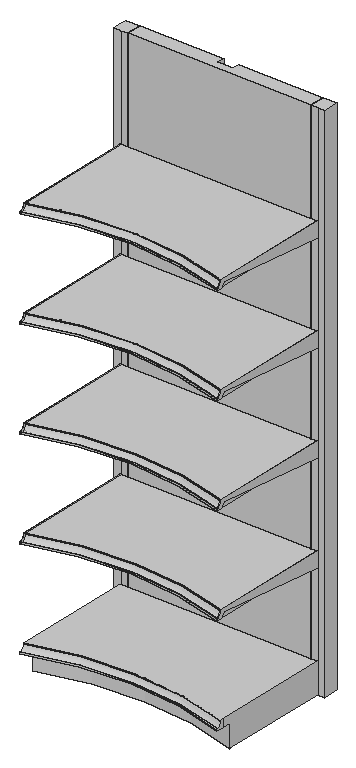
Revit family "ML10", category Specialty Equipment, Revit 2012
Parameters (values of type "Maxi Line Concave End (Default)")
  Width = 3' - 0"
  URL = "http://www.madixinc.com/display/maxiline/radius/index.html"
  Model = "Maxi Line"
  Manufacturer = "© 2012 Madix, Inc. All rights reserved."
  "Front" Base Shelf [instance] = yes
  "Front" Shelf 2' [instance] = yes
  "Front" Shelf 3' - 6" [instance] = yes
  "Front" Shelf 5' [instance] = yes
  "Front" Shelf 6' - 6" [instance] = yes
  "Front" Shelf Depth = 1' - 10"
  Upright Height = 8' - 0"
Reference planes (in)
  plane 1 "Center (Front/Back)": y = 0
  plane 2: z = 0
  plane 3 "Center (Left/Right)": x = 0
  plane 4: y = 1.375
  plane 5: y = -1.375
  plane 6: z = 96
  plane 7: z = 0
  plane 8 "1st shelf": z = 23.5
  plane 9 "2nd shelf": z = 41.5
  plane 10 "3rd shelf": z = 59.5
  plane 11 "4th shelf": z = 77.5
  plane 12: x = -18
  plane 13: x = 18
  plane 14: x = -17.875
  plane 15: x = 17.875
  plane 16: z = 41.5
  plane 17: z = 5.5
  plane 18: z = 4.125
  plane 19: z = 23.5
  plane 20: y = -23.375
  plane 21: z = 4.125
Forms (in)
  Extrusion 1, solid, material "Metal - Steel", visible <- ""Front" Base Shelf"
    sketch origin (-24, 1.39583, 4.375) x (1, 0, 0) y (0, 1, 0)
      loop
        line (6, -2.77083) -> (6, -24.35026) -> (6, -25.69542)
        arc (6, -25.69542) -> (24, -22.69473) -> (42, -25.69542) r 55.48794
        line (42, -25.69542) -> (42, -24.35026) -> (42, -2.77083) -> (6, -2.77083)
    from -0.25 to 1.125
  Extrusion 2, solid, material "Metal - Steel", visible <- ""Front" Base Shelf"
    sketch origin (-24, 1.35728, 4.375) x (1, 0, 0) y (0, 1, 0)
      loop
        line (42, -2.73228) -> (6, -2.73228) -> (6, -22.73228)
        arc (6, -22.73228) -> (24, -19.73228) -> (42, -22.73228) r 55.5
        line (42, -22.73228) -> (42, -2.73228)
    from -4.375 to -0.25
  Sweep 3, void
    path in 3D
      loop
        arc (18, -24.29959, 5.5) -> (0, -21.2989, 5.5) -> (-18, -24.29959, 5.5) r 55.48794
    profile origin (0, -21.2989, 5.5) x (0, -1, 0) y (0, 0, 1)
      loop
        line (0, -1.125) -> (0.5, -1.125) -> (0.5, 0) -> (0, 0) -> (-0.75, 0) -> (-0.75, -0.125) -> (-0.875, -0.125)
        arc (-0.875, -0.125) -> (-0.61304, -0.76286) -> (-0.125, -1.25) r 1.75
        line (-0.125, -1.25) -> (-0.125, -1.125) -> (0, -1.125)
  Extrusion 4, solid, material "Metal - Steel", visible <- ""Front" Shelf 2'"
    sketch origin (-24, 1.39583, 22.375) x (1, 0, 0) y (0, 1, 0)
      loop
        line (6.125, -2.77083) -> (6.125, -25.63844)
        arc (6.125, -25.63844) -> (24, -22.68121) -> (41.875, -25.63844) r 55.50145
        line (41.875, -25.63844) -> (41.875, -2.77083) -> (6.125, -2.77083)
    from -0.25 to 1.125
  Sweep 5, void
    path in 3D
      loop
        arc (17.875, -24.24261, 23.5) -> (0, -21.28538, 23.5) -> (-17.875, -24.24261, 23.5) r 55.50145
    profile origin (0, -21.28538, 23.5) x (0, -1, 0) y (0, 0, 1)
      loop
        line (-0.79226, 0) -> (-0.79226, -0.125) -> (-0.9246, -0.125)
        arc (-0.9246, -0.125) -> (-0.64351, -0.76861) -> (-0.13213, -1.25) r 1.75105
        line (-0.13213, -1.25) -> (-0.13213, -1.125) -> (0, -1.125) -> (0.5, -1.125) -> (0.5, 0) -> (-0.79226, 0)
  Extrusion 6, solid, material "Metal - Steel", visible <- ""Front" Shelf 2'"
    sketch origin (0, 0, 0) x (0, 1, 0) y (0, 0, 1)
      loop
        line (-1.375, 23.5) -> (-23.37362, 23.5)
        arc (-23.37362, 23.5) -> (-23.68874, 22.84529) -> (-24.24261, 22.375) r 1.75
        line (-24.24261, 22.375) -> (-24.24261, 22.125) -> (-23.24261, 22.125) -> (-23.24261, 22.375) -> (-22.49261, 23) -> (-22.24261, 23) -> (-22.24261, 22.875) -> (-1.375, 20.75) -> (-1.375, 23.5)
      loop
        circle (-20.24261, 23) r 0.125
      loop
        circle (-2.5, 23) r 0.125
    from -18 to -17.875
  Extrusion 7, solid, material "Metal - Steel", visible <- ""Front" Shelf 2'"
    sketch origin (0, 0, 0) x (0, 1, 0) y (0, 0, -1)
      loop
        line (-1.375, -23.5) -> (-1.375, -20.75) -> (-22.24261, -22.875) -> (-22.24261, -23) -> (-22.49261, -23) -> (-23.24261, -22.375) -> (-23.24261, -22.125) -> (-24.24261, -22.125) -> (-24.24261, -22.375)
        arc (-24.24261, -22.375) -> (-23.68874, -22.84529) -> (-23.37362, -23.5) r 1.75
        line (-23.37362, -23.5) -> (-1.375, -23.5)
      loop
        circle (-20.24261, -23) r 0.125
      loop
        circle (-2.5, -23) r 0.125
    from -18 to -17.875
  Extrusion 8, solid, material "Metal - Steel", visible <- ""Front" Shelf 3' - 6""
    sketch origin (-24, 1.39583, 40.375) x (1, 0, 0) y (0, 1, 0)
      loop
        line (6.125, -2.77083) -> (6.125, -25.63844)
        arc (6.125, -25.63844) -> (24, -22.68121) -> (41.875, -25.63844) r 55.50145
        line (41.875, -25.63844) -> (41.875, -2.77083) -> (6.125, -2.77083)
    from -0.25 to 1.125
  Sweep 9, void
    path in 3D
      loop
        arc (17.875, -24.24261, 41.5) -> (0, -21.28538, 41.5) -> (-17.875, -24.24261, 41.5) r 55.50145
    profile origin (0, -21.28538, 41.5) x (0, -1, 0) y (0, 0, 1)
      loop
        line (-0.79226, 0) -> (-0.79226, -0.125) -> (-0.9246, -0.125)
        arc (-0.9246, -0.125) -> (-0.64351, -0.76861) -> (-0.13213, -1.25) r 1.75105
        line (-0.13213, -1.25) -> (-0.13213, -1.125) -> (0, -1.125) -> (0.5, -1.125) -> (0.5, 0) -> (-0.79226, 0)
  Extrusion 10, solid, material "Metal - Steel", visible <- ""Front" Shelf 3' - 6""
    sketch origin (0, 0, 18) x (0, 1, 0) y (0, 0, 1)
      loop
        line (-1.375, 23.5) -> (-23.37362, 23.5)
        arc (-23.37362, 23.5) -> (-23.68874, 22.84529) -> (-24.24261, 22.375) r 1.75
        line (-24.24261, 22.375) -> (-24.24261, 22.125) -> (-23.24261, 22.125) -> (-23.24261, 22.375) -> (-22.49261, 23) -> (-22.24261, 23) -> (-22.24261, 22.875) -> (-1.375, 20.75) -> (-1.375, 23.5)
      loop
        circle (-20.24261, 23) r 0.125
      loop
        circle (-2.5, 23) r 0.125
    from -18 to -17.875
  Extrusion 11, solid, material "Metal - Steel", visible <- ""Front" Shelf 3' - 6""
    sketch origin (0, 0, 18) x (0, 1, 0) y (0, 0, -1)
      loop
        line (-1.375, -23.5) -> (-1.375, -20.75) -> (-22.24261, -22.875) -> (-22.24261, -23) -> (-22.49261, -23) -> (-23.24261, -22.375) -> (-23.24261, -22.125) -> (-24.24261, -22.125) -> (-24.24261, -22.375)
        arc (-24.24261, -22.375) -> (-23.68874, -22.84529) -> (-23.37362, -23.5) r 1.75
        line (-23.37362, -23.5) -> (-1.375, -23.5)
      loop
        circle (-20.24261, -23) r 0.125
      loop
        circle (-2.5, -23) r 0.125
    from -18 to -17.875
  Extrusion 12, solid, material "Metal - Steel", visible <- ""Front" Shelf 5'"
    sketch origin (-24, 1.39583, 58.375) x (1, 0, 0) y (0, 1, 0)
      loop
        line (6.125, -2.77083) -> (6.125, -25.63844)
        arc (6.125, -25.63844) -> (24, -22.68121) -> (41.875, -25.63844) r 55.50145
        line (41.875, -25.63844) -> (41.875, -2.77083) -> (6.125, -2.77083)
    from -0.25 to 1.125
  Sweep 13, void
    path in 3D
      loop
        arc (17.875, -24.24261, 59.5) -> (0, -21.28538, 59.5) -> (-17.875, -24.24261, 59.5) r 55.50145
    profile origin (0, -21.28538, 59.5) x (0, -1, 0) y (0, 0, 1)
      loop
        line (-0.79226, 0) -> (-0.79226, -0.125) -> (-0.9246, -0.125)
        arc (-0.9246, -0.125) -> (-0.64351, -0.76861) -> (-0.13213, -1.25) r 1.75105
        line (-0.13213, -1.25) -> (-0.13213, -1.125) -> (0, -1.125) -> (0.5, -1.125) -> (0.5, 0) -> (-0.79226, 0)
  Extrusion 14, solid, material "Metal - Steel", visible <- ""Front" Shelf 5'"
    sketch origin (0, 0, 36) x (0, 1, 0) y (0, 0, 1)
      loop
        line (-1.375, 23.5) -> (-23.37362, 23.5)
        arc (-23.37362, 23.5) -> (-23.68874, 22.84529) -> (-24.24261, 22.375) r 1.75
        line (-24.24261, 22.375) -> (-24.24261, 22.125) -> (-23.24261, 22.125) -> (-23.24261, 22.375) -> (-22.49261, 23) -> (-22.24261, 23) -> (-22.24261, 22.875) -> (-1.375, 20.75) -> (-1.375, 23.5)
      loop
        circle (-20.24261, 23) r 0.125
      loop
        circle (-2.5, 23) r 0.125
    from -18 to -17.875
  Extrusion 15, solid, material "Metal - Steel", visible <- ""Front" Shelf 5'"
    sketch origin (0, 0, 36) x (0, 1, 0) y (0, 0, -1)
      loop
        line (-1.375, -23.5) -> (-1.375, -20.75) -> (-22.24261, -22.875) -> (-22.24261, -23) -> (-22.49261, -23) -> (-23.24261, -22.375) -> (-23.24261, -22.125) -> (-24.24261, -22.125) -> (-24.24261, -22.375)
        arc (-24.24261, -22.375) -> (-23.68874, -22.84529) -> (-23.37362, -23.5) r 1.75
        line (-23.37362, -23.5) -> (-1.375, -23.5)
      loop
        circle (-20.24261, -23) r 0.125
      loop
        circle (-2.5, -23) r 0.125
    from -18 to -17.875
  Extrusion 16, solid, material "Metal - Steel", visible <- ""Front" Shelf 6' - 6""
    sketch origin (-24, 1.39583, 76.375) x (1, 0, 0) y (0, 1, 0)
      loop
        line (6.125, -2.77083) -> (6.125, -25.63844)
        arc (6.125, -25.63844) -> (24, -22.68121) -> (41.875, -25.63844) r 55.50145
        line (41.875, -25.63844) -> (41.875, -2.77083) -> (6.125, -2.77083)
    from -0.25 to 1.125
  Sweep 17, void
    path in 3D
      loop
        arc (17.875, -24.24261, 77.5) -> (0, -21.28538, 77.5) -> (-17.875, -24.24261, 77.5) r 55.50145
    profile origin (0, -21.28538, 77.5) x (0, -1, 0) y (0, 0, 1)
      loop
        line (-0.79226, 0) -> (-0.79226, -0.125) -> (-0.9246, -0.125)
        arc (-0.9246, -0.125) -> (-0.64351, -0.76861) -> (-0.13213, -1.25) r 1.75105
        line (-0.13213, -1.25) -> (-0.13213, -1.125) -> (0, -1.125) -> (0.5, -1.125) -> (0.5, 0) -> (-0.79226, 0)
  Extrusion 18, solid, material "Metal - Steel", visible <- ""Front" Shelf 6' - 6""
    sketch origin (0, 0, 54) x (0, 1, 0) y (0, 0, 1)
      loop
        line (-1.375, 23.5) -> (-23.37362, 23.5)
        arc (-23.37362, 23.5) -> (-23.68874, 22.84529) -> (-24.24261, 22.375) r 1.75
        line (-24.24261, 22.375) -> (-24.24261, 22.125) -> (-23.24261, 22.125) -> (-23.24261, 22.375) -> (-22.49261, 23) -> (-22.24261, 23) -> (-22.24261, 22.875) -> (-1.375, 20.75) -> (-1.375, 23.5)
      loop
        circle (-20.24261, 23) r 0.125
      loop
        circle (-2.5, 23) r 0.125
    from -18 to -17.875
  Extrusion 19, solid, material "Metal - Steel", visible <- ""Front" Shelf 6' - 6""
    sketch origin (0, 0, 54) x (0, 1, 0) y (0, 0, -1)
      loop
        line (-1.375, -23.5) -> (-1.375, -20.75) -> (-22.24261, -22.875) -> (-22.24261, -23) -> (-22.49261, -23) -> (-23.24261, -22.375) -> (-23.24261, -22.125) -> (-24.24261, -22.125) -> (-24.24261, -22.375)
        arc (-24.24261, -22.375) -> (-23.68874, -22.84529) -> (-23.37362, -23.5) r 1.75
        line (-23.37362, -23.5) -> (-1.375, -23.5)
      loop
        circle (-20.24261, -23) r 0.125
      loop
        circle (-2.5, -23) r 0.125
    from -18 to -17.875
  Extrusion 20, solid, material "Metal - Steel"
    sketch origin (-24, 1.375, 4.375) x (1, 0, 0) y (0, 1, 0)
      loop
        line (6, -2.75) -> (7.25, -2.75) -> (7.25, 0) -> (4.75, 0) -> (4.75, -1.375) -> (4.75, -2.75) -> (6, -2.75)
      loop
        line (7.28125, 0) -> (7.28125, -2.75) -> (40.71875, -2.75) -> (40.71875, 0) -> (25.375, 0) -> (25.375, -1.25) -> (22.625, -1.25) -> (22.625, 0) -> (7.28125, 0)
      loop
        line (42, -2.75) -> (43.25, -2.75) -> (43.25, 0) -> (40.75, 0) -> (40.75, -2.75) -> (42, -2.75)
    from -4.375 to 91.625
Cuts and joins
  Sweep 3 cuts Extrusion 1
  Sweep 3 cuts Extrusion 2
  joined: Extrusion 1, Extrusion 2
  Sweep 5, Sweep 9 cuts Extrusion 4
  Sweep 9 cuts Extrusion 6
  Sweep 9 cuts Extrusion 7
  Sweep 9, Sweep 13 cuts Extrusion 8
  Sweep 13 cuts Extrusion 10
  Sweep 13 cuts Extrusion 11
  Sweep 13, Sweep 17 cuts Extrusion 12
  Sweep 17 cuts Extrusion 14
  Sweep 17 cuts Extrusion 15
  Sweep 17 cuts Extrusion 16
Lines and regions (in)
  reference lines
    curve 1: line (-18, -18.77594, 77.5) -> (-17.96875, -18.77594, 77.5)
  sketch lines
    curve 2: arc (18, -24.29959, 5.5) -> (0, -21.2989, 5.5) -> (-18, -24.29959, 5.5) r 55.48794
    curve 3: arc (17.875, -24.24261, 23.5) -> (0, -21.28538, 23.5) -> (-17.875, -24.24261, 23.5) r 55.50145
    curve 4: arc (17.875, -24.24261, 41.5) -> (0, -21.28538, 41.5) -> (-17.875, -24.24261, 41.5) r 55.50145
    curve 5: arc (17.875, -24.24261, 59.5) -> (0, -21.28538, 59.5) -> (-17.875, -24.24261, 59.5) r 55.50145
    curve 6: arc (17.875, -24.24261, 77.5) -> (0, -21.28538, 77.5) -> (-17.875, -24.24261, 77.5) r 55.50145
Dimensions and locks (in)
  "Upright Height": plane 6 to level
  equal spacing: plane 12, plane 3 "Center (Left/Right)", plane 13
  "Width": plane 12 to plane 13
  locked: plane 12 to plane 14 at 0.125
  locked: plane 15 to plane 13 at 0.125
  ""Front" Shelf Depth": plane 5 to plane 20
  aligned and locked: level to plane 2
  aligned and locked: Extrusion 2 to Extrusion 1
  aligned and locked: Extrusion 1 to plane 5
  aligned and locked: Extrusion 2 to plane 5
  aligned and locked: Extrusion 1 to plane 18
  aligned and locked: plane 18 to Extrusion 2
  aligned and locked: Extrusion 4 to plane 5
  aligned and locked: plane 8 "1st shelf" to Extrusion 4
  aligned and locked: Extrusion 6 to plane 14
  aligned and locked: plane 12 to Extrusion 6
  aligned and locked: Extrusion 18 to plane 14
  aligned and locked: plane 12 to Extrusion 18
  aligned and locked: Extrusion 14 to plane 14
  aligned and locked: plane 12 to Extrusion 14
  aligned and locked: Extrusion 10 to plane 14
  aligned and locked: plane 12 to Extrusion 10
  aligned and locked: plane 15 to Extrusion 19
  aligned and locked: Extrusion 19 to plane 13
  aligned and locked: plane 15 to Extrusion 15
  aligned and locked: Extrusion 15 to plane 13
  aligned and locked: plane 15 to Extrusion 11
  aligned and locked: Extrusion 11 to plane 13
  aligned and locked: plane 15 to Extrusion 7
  aligned and locked: Extrusion 7 to plane 13
Automatic sketch dimensions
  curve 1 to plane 12 = 0' - 0"
  curve 1 to curve 1 = 0' - 0 1/32"
  curve 1 to plane 20 = 0' - 4.59906"
  plane 5 to Extrusion 1 sketch curve = 0' - 0"
  Extrusion 1 sketch curve to plane 12 = 0' - 0"
  Extrusion 1 sketch curve to plane 3 "Center (Left/Right)" = 0' - 0"
  Extrusion 1 sketch curve to plane 13 = 0' - 0"
  Extrusion 1 sketch curve to plane 20 = 0' - 0.42058"  (x2)
  plane 20 to Extrusion 1 sketch curve = 0' - 0.92459"
  plane 20 to Extrusion 1 sketch curve = 4' - 5.41184"
  plane 5 to Extrusion 2 sketch curve = 0' - 0"
  Extrusion 2 sketch curve to plane 12 = 0' - 0"
  Extrusion 2 sketch curve to plane 3 "Center (Left/Right)" = 0' - 0"
  Extrusion 2 sketch curve to plane 13 = 0' - 0"
  Extrusion 2 sketch curve to plane 20 = 0' - 2"
  plane 20 to Extrusion 2 sketch curve = 4' - 2 1/2"
  Sweep 3 sketch curve to profile plane = 0' - 0"  (x3)
  profile plane to Sweep 3 sketch curve = 0' - 0 1/8"
  profile plane to Sweep 3 sketch curve = 0' - 0 3/4"
  Sweep 3 sketch curve to Sweep 3 sketch curve = 0' - 0 1/8"  (x3)
  Sweep 3 sketch curve to Sweep 3 sketch curve = 0' - 0 1/2"
  Sweep 3 sketch curve to Sweep 3 sketch curve = 0' - 0.34305"
  Sweep 3 sketch curve to Sweep 3 sketch curve = 0' - 1 1/8"
  Extrusion 4 sketch curve to plane 14 = 0' - 0"
  Extrusion 4 sketch curve to plane 3 "Center (Left/Right)" = 0' - 0"
  Extrusion 4 sketch curve to plane 15 = 0' - 0"
  plane 5 to Extrusion 4 sketch curve = 0' - 0"
  plane 20 to Extrusion 4 sketch curve = 0' - 0.86761"
  plane 20 to Extrusion 4 sketch curve = 4' - 5.41184"
  Sweep 5 sketch curve to profile plane = 0' - 0"  (x2)
  Sweep 5 sketch curve to Sweep 5 sketch curve = 0' - 0.13213"
  profile plane to Sweep 5 sketch curve = 0' - 0.79226"
  Sweep 5 sketch curve to Sweep 5 sketch curve = 0' - 0.13235"
  Sweep 5 sketch curve to profile plane = 0' - 0 1/2"
  profile plane to Sweep 5 sketch curve = 0' - 0.2398"
  Sweep 5 sketch curve to Sweep 5 sketch curve = 0' - 0.28802"
  Sweep 5 sketch curve to profile plane = 0' - 0 1/8"
  Sweep 5 sketch curve to Sweep 5 sketch curve = 0' - 0 1/8"
  Extrusion 6 sketch curve to plane 8 "1st shelf" = 0' - 0"
  Extrusion 6 sketch curve to plane 5 = 0' - 0"
  Extrusion 6 sketch curve to plane 8 "1st shelf" = 0' - 0 1/2"  (x2)
  plane 5 to Extrusion 6 sketch curve = 0' - 1 1/8"
  Extrusion 6 sketch curve to plane 20 = 0' - 3.13239"
  Extrusion 6 sketch curve to plane 20 = 0' - 1.13239"
  Extrusion 6 sketch curve to Extrusion 6 sketch curve = 0' - 0 1/4"  (x2)
  Extrusion 6 sketch curve to plane 20 = 0' - 0.13239"
  Extrusion 6 sketch curve to plane 20 = 0' - 0.00138"
  plane 20 to Extrusion 6 sketch curve = 0' - 0.86761"
  plane 8 "1st shelf" to Extrusion 6 sketch curve = 0' - 0.41507"
  plane 20 to Extrusion 6 sketch curve = 0' - 1.69868"
  Extrusion 6 sketch curve to Extrusion 6 sketch curve = 0' - 0"
  Extrusion 6 sketch curve to Extrusion 6 sketch curve = 0' - 2 1/4"
  Extrusion 6 sketch curve to plane 8 "1st shelf" = 0' - 0 5/8"
  Extrusion 6 sketch curve to Extrusion 6 sketch curve = 0' - 0 1/8"
  Extrusion 7 sketch curve to plane 8 "1st shelf" = 0' - 0"
  Extrusion 7 sketch curve to plane 5 = 0' - 0"
  Extrusion 7 sketch curve to plane 8 "1st shelf" = 0' - 0 1/2"  (x3)
  plane 5 to Extrusion 7 sketch curve = 0' - 1 1/8"
  Extrusion 7 sketch curve to plane 20 = 0' - 3.13239"
  Extrusion 7 sketch curve to plane 20 = 0' - 1.13239"
  Extrusion 7 sketch curve to Extrusion 7 sketch curve = 0' - 0 1/4"  (x2)
  Extrusion 7 sketch curve to plane 20 = 0' - 0.13239"
  Extrusion 7 sketch curve to plane 20 = 0' - 0.00138"
  plane 20 to Extrusion 7 sketch curve = 0' - 0.86761"
  plane 8 "1st shelf" to Extrusion 7 sketch curve = 0' - 0.41507"
  plane 20 to Extrusion 7 sketch curve = 0' - 1.69868"
  Extrusion 7 sketch curve to Extrusion 7 sketch curve = 0' - 0 1/8"
  Extrusion 7 sketch curve to Extrusion 7 sketch curve = 0' - 0 5/8"
  Extrusion 7 sketch curve to Extrusion 7 sketch curve = 0' - 2 1/4"
  Extrusion 8 sketch curve to plane 14 = 0' - 0"
  Extrusion 8 sketch curve to plane 3 "Center (Left/Right)" = 0' - 0"
  Extrusion 8 sketch curve to plane 15 = 0' - 0"
  plane 5 to Extrusion 8 sketch curve = 0' - 0"
  plane 20 to Extrusion 8 sketch curve = 0' - 0.86761"
  plane 20 to Extrusion 8 sketch curve = 4' - 5.41184"
  Sweep 9 sketch curve to profile plane = 0' - 0"  (x2)
  Sweep 9 sketch curve to Sweep 9 sketch curve = 0' - 0.13213"
  profile plane to Sweep 9 sketch curve = 0' - 0.79226"
  Sweep 9 sketch curve to Sweep 9 sketch curve = 0' - 0.13235"
  Sweep 9 sketch curve to profile plane = 0' - 0 1/2"
  profile plane to Sweep 9 sketch curve = 0' - 0.2398"
  Sweep 9 sketch curve to Sweep 9 sketch curve = 0' - 0.28802"
  Sweep 9 sketch curve to profile plane = 0' - 0 1/8"
  Sweep 9 sketch curve to Sweep 9 sketch curve = 0' - 0 1/8"
  Extrusion 10 sketch curve to plane 9 "2nd shelf" = 0' - 0"
  Extrusion 10 sketch curve to plane 5 = 0' - 0"
  Extrusion 10 sketch curve to plane 9 "2nd shelf" = 0' - 0 1/2"  (x2)
  plane 5 to Extrusion 10 sketch curve = 0' - 1 1/8"
  Extrusion 10 sketch curve to plane 20 = 0' - 3.13239"
  Extrusion 10 sketch curve to plane 20 = 0' - 1.13239"
  Extrusion 10 sketch curve to Extrusion 10 sketch curve = 0' - 0 1/4"  (x2)
  Extrusion 10 sketch curve to plane 20 = 0' - 0.13239"
  Extrusion 10 sketch curve to plane 20 = 0' - 0.00138"
  plane 20 to Extrusion 10 sketch curve = 0' - 0.86761"
  plane 9 "2nd shelf" to Extrusion 10 sketch curve = 0' - 0.41507"
  plane 20 to Extrusion 10 sketch curve = 0' - 1.69868"
  Extrusion 10 sketch curve to Extrusion 10 sketch curve = 0' - 0"
  Extrusion 10 sketch curve to Extrusion 10 sketch curve = 0' - 2 1/4"
  Extrusion 10 sketch curve to plane 9 "2nd shelf" = 0' - 0 5/8"
  Extrusion 10 sketch curve to Extrusion 10 sketch curve = 0' - 0 1/8"
  Extrusion 11 sketch curve to plane 9 "2nd shelf" = 0' - 0"
  Extrusion 11 sketch curve to plane 5 = 0' - 0"
  Extrusion 11 sketch curve to plane 9 "2nd shelf" = 0' - 0 1/2"  (x3)
  plane 5 to Extrusion 11 sketch curve = 0' - 1 1/8"
  Extrusion 11 sketch curve to plane 20 = 0' - 3.13239"
  Extrusion 11 sketch curve to plane 20 = 0' - 1.13239"
  Extrusion 11 sketch curve to Extrusion 11 sketch curve = 0' - 0 1/4"  (x2)
  Extrusion 11 sketch curve to plane 20 = 0' - 0.13239"
  Extrusion 11 sketch curve to plane 20 = 0' - 0.00138"
  plane 20 to Extrusion 11 sketch curve = 0' - 0.86761"
  plane 9 "2nd shelf" to Extrusion 11 sketch curve = 0' - 0.41507"
  plane 20 to Extrusion 11 sketch curve = 0' - 1.69868"
  Extrusion 11 sketch curve to Extrusion 11 sketch curve = 0' - 0 1/8"
  Extrusion 11 sketch curve to Extrusion 11 sketch curve = 0' - 0 5/8"
  Extrusion 11 sketch curve to Extrusion 11 sketch curve = 0' - 2 1/4"
  Extrusion 12 sketch curve to plane 14 = 0' - 0"
  Extrusion 12 sketch curve to plane 3 "Center (Left/Right)" = 0' - 0"
  Extrusion 12 sketch curve to plane 15 = 0' - 0"
  plane 5 to Extrusion 12 sketch curve = 0' - 0"
  plane 20 to Extrusion 12 sketch curve = 0' - 0.86761"
  plane 20 to Extrusion 12 sketch curve = 4' - 5.41184"
  Sweep 13 sketch curve to profile plane = 0' - 0"  (x2)
  Sweep 13 sketch curve to Sweep 13 sketch curve = 0' - 0.13213"
  profile plane to Sweep 13 sketch curve = 0' - 0.79226"
  Sweep 13 sketch curve to Sweep 13 sketch curve = 0' - 0.13235"
  Sweep 13 sketch curve to profile plane = 0' - 0 1/2"
  profile plane to Sweep 13 sketch curve = 0' - 0.2398"
  Sweep 13 sketch curve to Sweep 13 sketch curve = 0' - 0.28802"
  Sweep 13 sketch curve to profile plane = 0' - 0 1/8"
  Sweep 13 sketch curve to Sweep 13 sketch curve = 0' - 0 1/8"
  Extrusion 14 sketch curve to plane 10 "3rd shelf" = 0' - 0"
  Extrusion 14 sketch curve to plane 5 = 0' - 0"
  Extrusion 14 sketch curve to plane 10 "3rd shelf" = 0' - 0 1/2"  (x2)
  plane 5 to Extrusion 14 sketch curve = 0' - 1 1/8"
  Extrusion 14 sketch curve to plane 20 = 0' - 3.13239"
  Extrusion 14 sketch curve to plane 20 = 0' - 1.13239"
  Extrusion 14 sketch curve to Extrusion 14 sketch curve = 0' - 0 1/4"  (x2)
  Extrusion 14 sketch curve to plane 20 = 0' - 0.13239"
  Extrusion 14 sketch curve to plane 20 = 0' - 0.00138"
  plane 20 to Extrusion 14 sketch curve = 0' - 0.86761"
  plane 10 "3rd shelf" to Extrusion 14 sketch curve = 0' - 0.41507"
  plane 20 to Extrusion 14 sketch curve = 0' - 1.69868"
  Extrusion 14 sketch curve to Extrusion 14 sketch curve = 0' - 0"
  Extrusion 14 sketch curve to Extrusion 14 sketch curve = 0' - 2 1/4"
  Extrusion 14 sketch curve to plane 10 "3rd shelf" = 0' - 0 5/8"
  Extrusion 14 sketch curve to Extrusion 14 sketch curve = 0' - 0 1/8"
  Extrusion 15 sketch curve to plane 10 "3rd shelf" = 0' - 0"
  Extrusion 15 sketch curve to plane 5 = 0' - 0"
  Extrusion 15 sketch curve to plane 10 "3rd shelf" = 0' - 0 1/2"  (x3)
  plane 5 to Extrusion 15 sketch curve = 0' - 1 1/8"
  Extrusion 15 sketch curve to plane 20 = 0' - 3.13239"
  Extrusion 15 sketch curve to plane 20 = 0' - 1.13239"
  Extrusion 15 sketch curve to Extrusion 15 sketch curve = 0' - 0 1/4"  (x2)
  Extrusion 15 sketch curve to plane 20 = 0' - 0.13239"
  Extrusion 15 sketch curve to plane 20 = 0' - 0.00138"
  plane 20 to Extrusion 15 sketch curve = 0' - 0.86761"
  plane 10 "3rd shelf" to Extrusion 15 sketch curve = 0' - 0.41507"
  plane 20 to Extrusion 15 sketch curve = 0' - 1.69868"
  Extrusion 15 sketch curve to Extrusion 15 sketch curve = 0' - 0 1/8"
  Extrusion 15 sketch curve to Extrusion 15 sketch curve = 0' - 0 5/8"
  Extrusion 15 sketch curve to Extrusion 15 sketch curve = 0' - 2 1/4"
  Extrusion 16 sketch curve to plane 14 = 0' - 0"
  Extrusion 16 sketch curve to plane 3 "Center (Left/Right)" = 0' - 0"
  Extrusion 16 sketch curve to plane 15 = 0' - 0"
  plane 5 to Extrusion 16 sketch curve = 0' - 0"
  plane 20 to Extrusion 16 sketch curve = 0' - 0.86761"
  plane 20 to Extrusion 16 sketch curve = 4' - 5.41184"
  Sweep 17 sketch curve to profile plane = 0' - 0"  (x2)
  Sweep 17 sketch curve to Sweep 17 sketch curve = 0' - 0.13213"
  profile plane to Sweep 17 sketch curve = 0' - 0.79226"
  Sweep 17 sketch curve to Sweep 17 sketch curve = 0' - 0.13235"
  Sweep 17 sketch curve to profile plane = 0' - 0 1/2"
  profile plane to Sweep 17 sketch curve = 0' - 0.2398"
  Sweep 17 sketch curve to Sweep 17 sketch curve = 0' - 0.28802"
  Sweep 17 sketch curve to profile plane = 0' - 0 1/8"
  Sweep 17 sketch curve to Sweep 17 sketch curve = 0' - 0 1/8"
  Extrusion 18 sketch curve to plane 11 "4th shelf" = 0' - 0"
  Extrusion 18 sketch curve to plane 5 = 0' - 0"
  Extrusion 18 sketch curve to plane 11 "4th shelf" = 0' - 0 1/2"  (x2)
  plane 5 to Extrusion 18 sketch curve = 0' - 1 1/8"
  Extrusion 18 sketch curve to plane 20 = 0' - 3.13239"
  Extrusion 18 sketch curve to plane 20 = 0' - 1.13239"
  Extrusion 18 sketch curve to Extrusion 18 sketch curve = 0' - 0 1/4"  (x2)
  Extrusion 18 sketch curve to plane 20 = 0' - 0.13239"
  Extrusion 18 sketch curve to plane 20 = 0' - 0.00138"
  plane 20 to Extrusion 18 sketch curve = 0' - 0.86761"
  plane 11 "4th shelf" to Extrusion 18 sketch curve = 0' - 0.41507"
  plane 20 to Extrusion 18 sketch curve = 0' - 1.69868"
  Extrusion 18 sketch curve to Extrusion 18 sketch curve = 0' - 0"
  Extrusion 18 sketch curve to Extrusion 18 sketch curve = 0' - 2 1/4"
  Extrusion 18 sketch curve to plane 11 "4th shelf" = 0' - 0 5/8"
  Extrusion 18 sketch curve to Extrusion 18 sketch curve = 0' - 0 1/8"
  Extrusion 19 sketch curve to plane 11 "4th shelf" = 0' - 0"
  Extrusion 19 sketch curve to plane 5 = 0' - 0"
  Extrusion 19 sketch curve to plane 11 "4th shelf" = 0' - 0 1/2"  (x3)
  plane 5 to Extrusion 19 sketch curve = 0' - 1 1/8"
  Extrusion 19 sketch curve to plane 20 = 0' - 3.13239"
  Extrusion 19 sketch curve to plane 20 = 0' - 1.13239"
  Extrusion 19 sketch curve to Extrusion 19 sketch curve = 0' - 0 1/4"  (x2)
  Extrusion 19 sketch curve to plane 20 = 0' - 0.13239"
  Extrusion 19 sketch curve to plane 20 = 0' - 0.00138"
  plane 20 to Extrusion 19 sketch curve = 0' - 0.86761"
  plane 11 "4th shelf" to Extrusion 19 sketch curve = 0' - 0.41507"
  plane 20 to Extrusion 19 sketch curve = 0' - 1.69868"
  Extrusion 19 sketch curve to Extrusion 19 sketch curve = 0' - 0 1/8"
  Extrusion 19 sketch curve to Extrusion 19 sketch curve = 0' - 0 5/8"
  Extrusion 19 sketch curve to Extrusion 19 sketch curve = 0' - 2 1/4"
  plane 5 to Extrusion 20 sketch curve = 0' - 0"  (x3)
  plane 1 "Center (Front/Back)" to Extrusion 20 sketch curve = 0' - 0"
  Extrusion 20 sketch curve to plane 4 = 0' - 0"  (x4)
  Extrusion 20 sketch curve to plane 12 = 0' - 0"
  Extrusion 20 sketch curve to plane 13 = 0' - 0"
  plane 12 to Extrusion 20 sketch curve = 0' - 1 1/4"
  plane 14 to Extrusion 20 sketch curve = 0' - 1 1/8"
  Extrusion 20 sketch curve to Extrusion 20 sketch curve = 0' - 0 1/32"  (x2)
  Extrusion 20 sketch curve to plane 1 "Center (Front/Back)" = 0' - 0 1/8"
  Extrusion 20 sketch curve to plane 3 "Center (Left/Right)" = 0' - 1 3/8"
  plane 3 "Center (Left/Right)" to Extrusion 20 sketch curve = 0' - 1 3/8"
  plane 15 to Extrusion 20 sketch curve = 0' - 1 5/32"
  Extrusion 20 sketch curve to plane 13 = 0' - 1 1/4"
  radius of Extrusion 6 sketch curve = 0' - 0 1/8"  (x2)
  radius of Extrusion 7 sketch curve = 0' - 0 1/8"  (x2)
  radius of Extrusion 10 sketch curve = 0' - 0 1/8"  (x2)
  radius of Extrusion 11 sketch curve = 0' - 0 1/8"  (x2)
  radius of Extrusion 14 sketch curve = 0' - 0 1/8"  (x2)
  radius of Extrusion 15 sketch curve = 0' - 0 1/8"  (x2)
  radius of Extrusion 18 sketch curve = 0' - 0 1/8"  (x2)
  radius of Extrusion 19 sketch curve = 0' - 0 1/8"  (x2)
